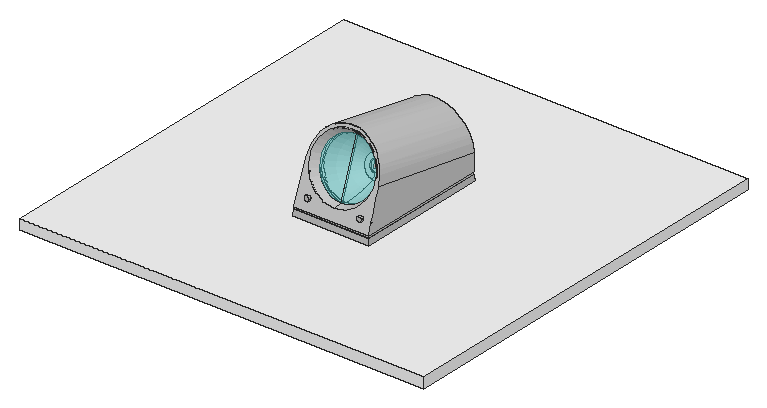
Revit family "BE_24501_de_DE", category Leuchten, Revit 2015
Parameters (values of type "BEGA_24501_Silber_K4")
  built-in parameter 1150104 = 14.4 (stored number, unit not read)
  Wattage = 4 W
  Default Elevation = 0 mm
  built-in parameter 1150113 = 1 (stored number, unit not read)
  built-in parameter 1114218 = 1 (stored number, unit not read)
  Umgebungstemperatur = "25 °C"
  URL = "http://www.bega.de/produkt/24501"
  Typenkommentare = "© 2017 BEGA. Wir behalten uns das Recht vor, technische Änderungen ohne vorherige Ankündigung vorzunehmen."  # constant formula
  Type Image = 24501.png
  built-in parameter 1150134 = 12
  built-in parameter 1150109 = 1 (stored number, unit not read)
  Strom = ""
  built-in parameter 1150110 = 1 (stored number, unit not read)
  Spannung = 239.996 V
  Sonderanfertigung = no
  Seriennummer [instance] = "Hier können Sie die eindeutige Seriennummer für das Facility Management eintragen."
  Schutzklasse = "I"
  Schutzart = "IP 64"
  Scheinlast = 0 VA
  Produktdatenblatt = "http://www.bega.de/download/Xrfa/db/24501.db.de.pdf"
  Oberflächentemperatur = ""
  Neigungswinkel = 0.00°
  Modell = "24501AK4"
  Material_18 = BEGA_Gummi_schwarz
  Material_17 = BEGA_Reflektor
  Material_15 = BEGA_Leuchtmedium_matt
  Material_11 = BEGA_Glas_opal
  Material_09 = BEGA_Glas_klar
  Material_06 = BEGA_Oberfläche_Edelstahl_gebürstet
  Material_03 = BEGA_Oberfläche_Weiss_matt
  Material_02 = BEGA_Oberfläche_Silber_matt
  Material_01 [instance] = BEGA_Oberfläche_Grafit_matt
  M_W = no
  M_G = no
  M_A = yes
  Logo = 0
  built-in parameter 1114217 = 1 (stored number, unit not read)
  built-in parameter 1150139 = (empty or 0)
  built-in parameter 1150105 = 49.338 (stored number, unit not read)
  built-in parameter 1150114 = 1 (stored number, unit not read)
  Lumens = 620 lm
  built-in parameter 1150115 = 1 (stored number, unit not read)
  Leuchtenlichtstrom = "366 lm"
  Leuchtenanzahl = ""
  Lebensdauerkriterien = "L70B50 @ 25 °C = 380000 h"
  Lastklassifizierung = Beleuchtung
  built-in parameter 1150112 = 1 (stored number, unit not read)
  Lampenlichtstrom = "620 lm"
  Lampe = "LED 4 W"
  LED_Modulbezeichnung = "LED-0734/840"
  built-in parameter 1150142 = (empty or 0)
  Hersteller = "BEGA"  # constant formula
  Halbstreuwinkel = ""
  Gewicht = "0.4 kg"
  Gebrauchslageneinschränkung [instance] = ""
  Frequenz = "0/50-60 Hz"
  Farbwiedergabeindex = "Ra > 80"
  Farbtemperaturverschiebung bei Dämpfen der Lampe = <Keine Auswahl>
  Farbtemperatur = "4000 K"
  Color Filter = 16777215
  built-in parameter 1150133 = 10 (stored number, unit not read)
  Energieeffizienzklasse = "LED A++ - A"
  built-in parameter 1150137 = (empty or 0)
  built-in parameter 1150132 = (empty or 0)
  ENEC = ""
  Dimmbar [instance] = ""
  Datei für fotometrisches Netz = "BE_24501K4.IES"
  CE_Konformität = "ja"
  Bestellnummer = "24501AK4"
  Beschreibung_Sonderanfertigung = "Hier können Sie Informationen zur Sonderanfertigung eintragen."
  Beschreibung = "Wandleuchte"
  built-in parameter 1150106 = 0.49338 (stored number, unit not read)
  Befestigungsbohrung = "Ø 4,5 mm"
  Befestigungsabstand = "50 mm"
  Ballwurfsicher = ""
  BEGA_Intern_aus = yes
  BEGA_Intern_an = yes
  BEGA_Intern_Konstruktion = yes
  BEGA_Intern = yes
  BEGA_IES = yes
  BEGA_Dummy = no
  Anschlussleitung = ""
  Anschlussleistung [instance] = "5.4 W"
  Anschlusskasten = ""
  built-in parameter 1150107 = 4000 (stored number, unit not read)
  built-in parameter 1150102 = (empty or 0)
  built-in parameter 1150138 = (empty or 0)
  Aktualisierung = "2017-06-27T04:08:34"
  Abstand_zur_angestrahlten_Fläche [instance] = ""
  AC/DC = "AC/DC"
Types (4, lengths in mm): name | built-in parameter 1150104 | Wattage | built-in parameter 1150134 | Modell | M_G | M_A | built-in parameter 1150105 | Lumens | Leuchtenlichtstrom | Lampenlichtstrom | LED_Modulbezeichnung | Farbtemperatur | Datei für fotometrisches Netz | Bestellnummer | built-in parameter 1150106 | built-in parameter 1150107
  BEGA_24501_Grafit_K3 | 13.471 (stored number, unit not read) | 4 W | (empty or 0) | "24501" | yes | no | 46.155 (stored number, unit not read) | 580 lm | "342 lm" | "580 lm" | "LED-0734/830" | "3000 K" | "BE_24501.IES" | "24501" | 0.46155 (stored number, unit not read) | 3000 (stored number, unit not read)
  BEGA_24501_Grafit_K4 | 13.8 (stored number, unit not read) | 155 W | 12 | "24501K4" | yes | no | 1832.2 (stored number, unit not read) | 23024 lm | "366 lm" | "620 lm" | "LED-0734/840" | "4000 K" | "BE_24501K4.IES" | "24501K4" | 18.322 (stored number, unit not read) | 4000 (stored number, unit not read)
  BEGA_24501_Silber_K4 | 14.4 (stored number, unit not read) | 4 W | 12 | "24501AK4" | no | yes | 49.338 (stored number, unit not read) | 620 lm | "366 lm" | "620 lm" | "LED-0734/840" | "4000 K" | "BE_24501K4.IES" | "24501AK4" | 0.49338 (stored number, unit not read) | 4000 (stored number, unit not read)
  BEGA_24501_Silber_K3 | 13.471 (stored number, unit not read) | 4 W | (empty or 0) | "24501A" | no | yes | 46.155 (stored number, unit not read) | 580 lm | "342 lm" | "580 lm" | "LED-0734/830" | "3000 K" | "BE_24501.IES" | "24501A" | 0.46155 (stored number, unit not read) | 3000 (stored number, unit not read)
Reference planes
  plane 1 "Mitte (Vorne/Hinten)": y = 0
  plane 2: z = 0
  plane 3 "Mitte (Links/Rechts)": x = 0
  plane 4 "Links": x = -37.659
  plane 5 "Rechts": x = 37.659
  plane 6 "Unten": y = -65.161
  plane 7 "Oben": y = 65.162
  plane 8 "Vorne": z = 82.664
  plane 9 "Hinten": z = 0
Forms (mm)
  Extrusion 1, solid, material "BEGA_Platte_Weiss"
    sketch origin (0, -1119.2, 0) x (1, 0, 0) y (0, 1, 0)
      loop
        line (-200, 1319.2) -> (-200, 919.2) -> (200, 919.2) -> (200, 1319.2) -> (-200, 1319.2)
    from 0 to -10
  Extrusion 2, solid, material "BEGA_Dummy_matt", visible <- "BEGA_Dummy"
    sketch origin (80.095, -76.023, 0) x (1, 0, 0) y (0, 1, 0)
      loop
        line (-117.754, 141.185) -> (-117.754, 10.862) -> (-42.436, 10.862) -> (-42.436, 141.185) -> (-117.754, 141.185)
    from 0 to 82.664
Dimensions and locks
  plane 1 "Mitte (Vorne/Hinten)" to Extrusion 1 = 200 mm
  aligned and locked: plane 2 to Extrusion 1
  aligned and locked: level to Extrusion 1
Nested families
  nested 1: "BE_24501" at (0, 0, 0) x (0, -1, 0) z (0, 0, 1), type "BE_24501"
Connectors
  electrical at (0, 0, 0), driven by "Lastklassifizierung", driven by "Spannung", driven by "Scheinlast"
    settings: index 1, voltage 239.996 V, apparent load 0 VA, apparent load phase1 0 VA, apparent load phase2 0 VA, apparent load phase3 0 VA, power factor 1, load classification "Beleuchtung", number of poles 1, system type 31, power factor state 1, is connector primary yes, connector utility no, sub classification motor no, connector description ""
Definition of nested family "BE_24501"
  Parameters (values of type "BE_24501")
    Default Elevation = 1 mm
    URL = "http://www.bega.de/de/produkt"
    Type Comments = "© 2015 BEGA. Wir behalten uns das Recht vor, technische Änderungen ohne vorherige Ankündigung vorzunehmen. "  # constant formula
    Type Image = (empty or 0)
    Material_18 = none
    Material_17 = none
    Material_15 = none
    Material_11 = none
    Material_09 = none
    Material_06 = none
    Material_03 = none
    Material_02 = none
    Material_01 = none
    M_W = yes
    M_G = yes
    M_A = yes
    Länge_Platte = 200 mm  # constant formula
    Höhe_Platte = -10 mm  # constant formula
    Manufacturer = "BEGA"  # constant formula
    Breite_Platte = 200 mm  # constant formula
  Reference planes
    plane 1 "Mitte (Oben/Unten)": y = 0
    plane 2: z = 0
    plane 3 "Mitte (Links/Rechts)": x = 0
    plane 4: x = -65.162
    plane 5: z = 82.664
    plane 6: x = 65.161
    plane 7: y = -37.659
    plane 8: y = 37.659
  Forms (mm)
    Extrusion 1, solid, detail levels medium
      sketch origin (0, 0, 0) x (1, 0, 0) y (0, 1, 0)
        loop
          line (-100, 100) -> (-100, -100) -> (100, -100) -> (100, 100) -> (-100, 100)
      from 0 to -10 <- "Höhe_Platte"
    Blend 2, solid, material <- "Material_01", visible <- "M_G", detail levels medium+fine
      base sketch origin (0, 0, 0) x (0, 1, 0) y (0, 0, 1)
        loop
          line (-37.5, 8.7) -> (37.5, 8.7) -> (37.074, 24.948)
          spline (37.074, 24.948) -> (35.61, 34.465) -> (31.798, 43.291) -> (25.887, 50.844) -> (18.269, 56.626) -> (9.446, 60.255) -> (0, 61.492) -> (-9.446, 60.255) -> (-18.269, 56.626) -> (-25.887, 50.844) -> (-31.798, 43.291) -> (-35.61, 34.465) -> (-37.074, 24.948)
          line (-37.074, 24.948) -> (-37.5, 8.7)
      top sketch origin (0, 0, 0) x (0, 1, 0) y (0, 0, 1)
        loop
          line (-37.004, 8.7) -> (37.004, 8.7) -> (35.957, 48.682)
          spline (35.957, 48.682) -> (34.627, 59.055) -> (30.977, 68.696) -> (25.253, 76.96) -> (17.838, 83.293) -> (9.228, 87.27) -> (0, 88.626) -> (-9.228, 87.27) -> (-17.838, 83.293) -> (-25.253, 76.96) -> (-30.977, 68.696) -> (-34.627, 59.055) -> (-35.957, 48.682)
          line (-35.957, 48.682) -> (-37.004, 8.7)
      from -65.999 to 67.391
    Extrusion 3, void
      sketch origin (0, 0, 0) x (1, 0, 0) y (0, 0, 1)
        loop
          line (-65, 8.7) -> (-63.594, 62.386) -> (-66.985, 61.696) -> (-66.985, 8.7) -> (-65, 8.7)
        loop
          line (67.391, 8.7) -> (67.391, 91.792) -> (34.757, 91.792) -> (64.999, 8.7) -> (67.391, 8.7)
      from -40.189 to 40.834
    Sweep 4, solid, material <- "Material_01", visible <- "M_G", detail levels medium+fine
      path origin (0, 0, 0) x (1, 0, 0) y (0, 1, 0)
        loop
          line (-65, -37.496) -> (64.999, -37.496) -> (64.999, 37.496) -> (-65, 37.496) -> (-65, -37.496)
      profile origin (-65, 0, 0) x (-1, 0, 0) y (0, 0, 1)
        loop
          line (0.162, 0) -> (0, 6.2) -> (-0.8, 6.2) -> (-0.8, 8.7) -> (-4.752, 10.9) -> (-34.022, 10.9) -> (-34.022, 9) -> (-6.8, 9) -> (-6.486, 0) -> (0.162, 0)
    Revolve 5, void
      sketch origin (0, 0, 0) x (1, 0, 0) y (0, 0, 1)
        loop
          line (33.768, 72.583) -> (32.123, 77.1) -> (28.834, 75.903) -> (0, 53.792) -> (5.642, 32.318) -> (50.465, 48.633) -> (39.334, 79.216) -> (33.768, 72.583)
        axis (5.642, 32.318) -> (50.466, 48.633)
      angle from 0 to 360
    Revolve 6, solid, material <- "Material_17", detail levels medium+fine
      sketch origin (0, 0, 0) x (1, 0, 0) y (0, 0, 1)
        loop
          line (28.275, 71.377) -> (27.578, 73.292) -> (26.706, 72.975) -> (27.574, 70.59)
          arc (27.574, 70.59) -> (14.917, 58.439) -> (5.469, 43.653) r 74.149
          line (5.469, 43.653) -> (6.803, 38.677) -> (7.665, 38.908) -> (6.264, 44.139)
          arc (6.264, 44.139) -> (15.59, 58.468) -> (27.968, 70.261) r 73.649
          arc (27.968, 70.261) -> (28.3, 70.77) -> (28.275, 71.377) r 1
        axis (8.788, 33.223) -> (38.258, 43.949)
      angle from 0 to 360
    Extrusion 7, solid, material <- "Material_15", detail levels medium+fine
      sketch origin (0, 0, 0) x (1, 0, 0) y (0, 0, 1)
        loop
          line (8.496, 30.45) -> (9.282, 30.736) -> (7.396, 35.916) -> (6.611, 35.63) -> (8.496, 30.45)
      from -2.8 to 2.8
    Revolve 8, solid, material <- "Material_09", detail levels medium+fine
      sketch origin (0, 0, 0) x (1, 0, 0) y (0, 0, 1)
        loop
          line (31.91, 76.224) -> (29.091, 75.198) -> (40.206, 44.658) -> (43.025, 45.684) -> (31.91, 76.224)
        axis (40.206, 44.658) -> (43.025, 45.684)
      angle from 0 to 360
    Extrusion 9, void
      sketch origin (0, 0, 0) x (1, 0, 0) y (0, 1, 0)
        loop
          line (-58.2, 30.671) -> (-58.2, -30.671) -> (58.199, -30.238) -> (58.199, 30.238) -> (-58.2, 30.671)
      from 7.65 to 13.281
    Extrusion 10, solid, material <- "Material_01", visible <- "M_G", detail levels medium+fine
      sketch origin (0, 0, 0) x (1, 0, 0) y (0, 0, 1)
        loop
          line (-30.977, 9) -> (30.977, 9) -> (30.977, 10.9) -> (-30.977, 10.9) -> (-30.977, 9)
      from -4.051 to 3.738
    Extrusion 11, void
      sketch origin (0, 0, 0) x (1, 0, 0) y (0, 1, 0)
        loop
          circle (-47, 18.5) r 8.5
        loop
          circle (-47, -18.5) r 8.5
        loop
          circle (0, -25) r 2.156
        loop
          circle (0, 25) r 2.156
      from 4.313 to 11.1
    Extrusion 12, void
      sketch origin (0, 0, 0) x (0, 1, 0) y (0, 0, 1)
        loop
          circle (-26, 18.5) r 2.5
        loop
          circle (26, 18.5) r 2.5
      from 59.313 to 62.94
    Extrusion 13, solid, material <- "Material_06", detail levels fine
      sketch origin (0, 0, 0) x (0, 1, 0) y (0, 0, 1)
        loop
          circle (-26, 18.5) r 2.35
        loop
          circle (26, 18.5) r 2.35
      from 59.313 to 62.7
    Sweep 14, solid, material <- "Material_02", visible <- "M_A", detail levels medium+fine
      path origin (0, 0, 0) x (1, 0, 0) y (0, 1, 0)
        loop
          line (-65, -37.496) -> (64.999, -37.496) -> (64.999, 37.496) -> (-65, 37.496) -> (-65, -37.496)
      profile origin (-65, 0, 0) x (-1, 0, 0) y (0, 0, 1)
        loop
          line (0.162, 0) -> (0, 6.2) -> (-0.8, 6.2) -> (-0.8, 8.7) -> (-4.752, 10.9) -> (-34.022, 10.9) -> (-34.022, 9) -> (-6.8, 9) -> (-6.486, 0) -> (0.162, 0)
    Extrusion 15, solid, material <- "Material_02", visible <- "M_A", detail levels medium+fine
      sketch origin (0, 0, 0) x (1, 0, 0) y (0, 0, 1)
        loop
          line (-30.977, 9) -> (30.977, 9) -> (30.977, 10.9) -> (-30.977, 10.9) -> (-30.977, 9)
      from -3.347 to 3.738
    Blend 16, solid, material <- "Material_02", visible <- "M_A", detail levels medium+fine
      base sketch origin (0, 0, 0) x (0, 1, 0) y (0, 0, 1)
        loop
          line (-37.5, 8.7) -> (37.5, 8.7) -> (37.074, 24.948)
          spline (37.074, 24.948) -> (35.61, 34.465) -> (31.798, 43.291) -> (25.887, 50.844) -> (18.269, 56.626) -> (9.446, 60.255) -> (0, 61.492) -> (-9.446, 60.255) -> (-18.269, 56.626) -> (-25.887, 50.844) -> (-31.798, 43.291) -> (-35.61, 34.465) -> (-37.074, 24.948)
          line (-37.074, 24.948) -> (-37.5, 8.7)
      top sketch origin (0, 0, 0) x (0, 1, 0) y (0, 0, 1)
        loop
          line (-37.004, 8.7) -> (37.004, 8.7) -> (35.957, 48.682)
          spline (35.957, 48.682) -> (34.627, 59.055) -> (30.977, 68.696) -> (25.253, 76.96) -> (17.838, 83.293) -> (9.228, 87.27) -> (0, 88.626) -> (-9.228, 87.27) -> (-17.838, 83.293) -> (-25.253, 76.96) -> (-30.977, 68.696) -> (-34.627, 59.055) -> (-35.957, 48.682)
          line (-35.957, 48.682) -> (-37.004, 8.7)
      from -65.999 to 67.391
  Cuts and joins
    Extrusion 3, Revolve 5, Extrusion 9, Extrusion 11, Extrusion 12 cuts Blend 2
    Revolve 5, Extrusion 11 cuts Sweep 4
    Extrusion 11 cuts Extrusion 10
    joined: Sweep 4, Extrusion 10
    Extrusion 9 cuts Revolve 6
    Extrusion 9 cuts Extrusion 7
    Extrusion 9 cuts Revolve 8
    Extrusion 11 cuts Sweep 14
    joined: Sweep 14, Extrusion 15
    Extrusion 3, Revolve 5, Extrusion 9, Extrusion 12 cuts Blend 16
  Dimensions and locks
    equal spacing: Extrusion 1 sketch curve, plane 3 "Mitte (Links/Rechts)", Extrusion 1 sketch curve
    equal spacing: Extrusion 1 sketch curve, plane 1 "Mitte (Oben/Unten)", Extrusion 1 sketch curve
    "Länge_Platte": Extrusion 1 sketch curve to Extrusion 1 sketch curve
    "Breite_Platte": Extrusion 1 sketch curve to Extrusion 1 sketch curve
    aligned and locked: Extrusion 1 to plane 2
    aligned and locked: level to Extrusion 1
  Automatic sketch dimensions
    level to Blend 2 sketch curve = 8.7 mm  (x2)
    plane 1 "Mitte (Oben/Unten)" to Blend 2 sketch curve = 37.5 mm
    Blend 2 sketch curve to plane 1 "Mitte (Oben/Unten)" = 37.5 mm
    Blend 2 sketch curve to plane 1 "Mitte (Oben/Unten)" = 0 mm  (x2)
    Blend 2 sketch curve to Blend 2 sketch curve = 0.426 mm  (x2)
    Blend 2 sketch curve to Blend 2 sketch curve = 16.248 mm
    Blend 2 sketch curve to level = 13.508 mm
    level to Blend 2 sketch curve = 23.992 mm
    Blend 2 sketch curve to plane 1 "Mitte (Oben/Unten)" = 37.004 mm
    plane 1 "Mitte (Oben/Unten)" to Blend 2 sketch curve = 37.004 mm
    plane 1 "Mitte (Oben/Unten)" to Blend 2 sketch curve = 35.961 mm
    Blend 2 sketch curve to Blend 2 sketch curve = 0.003 mm
    Blend 2 sketch curve to plane 1 "Mitte (Oben/Unten)" = 35.957 mm
    Blend 2 sketch curve to Blend 2 sketch curve = 39.426 mm
    Blend 2 sketch curve to Blend 2 sketch curve = 0.556 mm
    Extrusion 3 sketch curve to plane 3 "Mitte (Links/Rechts)" = 66.985 mm
    Extrusion 3 sketch curve to Extrusion 3 sketch curve = 1.985 mm
    Extrusion 3 sketch curve to Extrusion 3 sketch curve = 3.391 mm
    plane 3 "Mitte (Links/Rechts)" to Extrusion 3 sketch curve = 34.757 mm
    level to Extrusion 3 sketch curve = 8.7 mm  (x2)
    plane 3 "Mitte (Links/Rechts)" to Extrusion 3 sketch curve = 64.999 mm
    Extrusion 3 sketch curve to Extrusion 3 sketch curve = 2.393 mm
    Extrusion 3 sketch curve to Extrusion 3 sketch curve = 52.996 mm
    Extrusion 3 sketch curve to Extrusion 3 sketch curve = 0.69 mm
    Extrusion 3 sketch curve to Extrusion 3 sketch curve = 83.092 mm
    Sweep 4 sketch curve to level = 0 mm
    Sweep 4 sketch curve to profile plane = 0 mm
    Sweep 4 sketch curve to Sweep 4 sketch curve = 0.8 mm
    Sweep 4 sketch curve to Sweep 4 sketch curve = 3.952 mm
    profile plane to Sweep 4 sketch curve = 6.486 mm
    Sweep 4 sketch curve to Sweep 4 sketch curve = 2.048 mm
    level to Sweep 4 sketch curve = 10.9 mm
    Sweep 4 sketch curve to Sweep 4 sketch curve = 27.222 mm
    Sweep 4 sketch curve to profile plane = 0.162 mm
    Sweep 4 sketch curve to Sweep 4 sketch curve = 4.7 mm
    Sweep 4 sketch curve to Sweep 4 sketch curve = 2.5 mm
    Sweep 4 sketch curve to Sweep 4 sketch curve = 1.9 mm
    Revolve 5 sketch curve to plane 3 "Mitte (Links/Rechts)" = 0 mm
    plane 3 "Mitte (Links/Rechts)" to Revolve 5 sketch curve = 5.642 mm
    plane 3 "Mitte (Links/Rechts)" to Revolve 5 sketch curve = 32.123 mm
    Revolve 5 sketch curve to Revolve 5 sketch curve = 1.645 mm
    Revolve 5 sketch curve to Revolve 5 sketch curve = 7.211 mm
    Revolve 5 sketch curve to Revolve 5 sketch curve = 16.697 mm
    level to Revolve 5 sketch curve = 32.318 mm
    Revolve 5 sketch curve to Revolve 5 sketch curve = 16.314 mm
    Revolve 5 sketch curve to Revolve 5 sketch curve = 23.95 mm
    Revolve 5 sketch curve to Revolve 5 sketch curve = 4.517 mm
    Revolve 5 sketch curve to Revolve 5 sketch curve = 2.116 mm
    Revolve 5 sketch curve to Revolve 5 sketch curve = 13.973 mm
    Revolve 5 sketch curve to Revolve 5 sketch curve = 3.289 mm
    Revolve 5 sketch curve to Revolve 5 sketch curve = 0 mm  (x2)
    Revolve 5 sketch curve to Revolve 5 sketch curve = 5.086 mm
    Revolve 5 sketch curve to Revolve 5 sketch curve = 21.474 mm
    Revolve 5 sketch curve to Revolve 5 sketch curve = 1.197 mm
    Revolve 6 sketch curve to Revolve 6 sketch curve = 0 mm  (x2)
    plane 3 "Mitte (Links/Rechts)" to Revolve 6 sketch curve = 5.469 mm
    Revolve 6 sketch curve to Revolve 6 sketch curve = 0.794 mm
    Revolve 6 sketch curve to Revolve 6 sketch curve = 1.333 mm
    Revolve 6 sketch curve to Revolve 6 sketch curve = 0.863 mm
    plane 3 "Mitte (Links/Rechts)" to Revolve 6 sketch curve = 26.706 mm
    Revolve 6 sketch curve to Revolve 6 sketch curve = 0.629 mm
    Revolve 6 sketch curve to Revolve 6 sketch curve = 0.239 mm
    Revolve 6 sketch curve to Revolve 6 sketch curve = 0.872 mm
    Revolve 6 sketch curve to Revolve 6 sketch curve = 0.94 mm
    level to Revolve 6 sketch curve = 11.401 mm
    Revolve 6 sketch curve to Revolve 6 sketch curve = 64.571 mm
    level to Revolve 6 sketch curve = 38.677 mm
    Revolve 6 sketch curve to Revolve 6 sketch curve = 0.231 mm
    Revolve 6 sketch curve to Revolve 6 sketch curve = 0.445 mm
    Revolve 6 sketch curve to Revolve 6 sketch curve = 0.342 mm
    Revolve 6 sketch curve to Revolve 6 sketch curve = 23.666 mm
    Revolve 6 sketch curve to Revolve 6 sketch curve = 6.497 mm
    Revolve 6 sketch curve to Revolve 6 sketch curve = 2.52 mm
    Revolve 6 sketch curve to Revolve 6 sketch curve = 2.365 mm
    plane 3 "Mitte (Links/Rechts)" to Extrusion 7 sketch curve = 6.611 mm
    Extrusion 7 sketch curve to Extrusion 7 sketch curve = 0.786 mm  (x2)
    Extrusion 7 sketch curve to Extrusion 7 sketch curve = 1.885 mm
    level to Extrusion 7 sketch curve = 30.45 mm
    Extrusion 7 sketch curve to Extrusion 7 sketch curve = 0.286 mm
    Extrusion 7 sketch curve to Extrusion 7 sketch curve = 5.179 mm
    plane 3 "Mitte (Links/Rechts)" to Revolve 8 sketch curve = 29.091 mm
    Revolve 8 sketch curve to Revolve 8 sketch curve = 2.819 mm  (x2)
    Revolve 8 sketch curve to Revolve 8 sketch curve = 11.116 mm
    level to Revolve 8 sketch curve = 44.658 mm
    Revolve 8 sketch curve to Revolve 8 sketch curve = 1.026 mm  (x2)
    Revolve 8 sketch curve to Revolve 8 sketch curve = 30.54 mm
    Revolve 8 sketch curve to Revolve 8 sketch curve = 0 mm  (x4)
    Extrusion 9 sketch curve to plane 3 "Mitte (Links/Rechts)" = 58.2 mm
    Extrusion 9 sketch curve to plane 1 "Mitte (Oben/Unten)" = 30.671 mm
    Extrusion 9 sketch curve to plane 1 "Mitte (Oben/Unten)" = 30.238 mm
    plane 1 "Mitte (Oben/Unten)" to Extrusion 9 sketch curve = 30.671 mm
    plane 3 "Mitte (Links/Rechts)" to Extrusion 9 sketch curve = 58.199 mm
    plane 1 "Mitte (Oben/Unten)" to Extrusion 9 sketch curve = 30.238 mm
    level to Extrusion 10 sketch curve = 10.9 mm
    Extrusion 10 sketch curve to plane 3 "Mitte (Links/Rechts)" = 30.977 mm
    plane 3 "Mitte (Links/Rechts)" to Extrusion 10 sketch curve = 30.977 mm
    Extrusion 10 sketch curve to Extrusion 10 sketch curve = 1.9 mm
    Extrusion 11 sketch curve to plane 1 "Mitte (Oben/Unten)" = 18.5 mm
    Extrusion 11 sketch curve to plane 3 "Mitte (Links/Rechts)" = 47 mm
    plane 1 "Mitte (Oben/Unten)" to Extrusion 12 sketch curve = 26 mm
    level to Extrusion 12 sketch curve = 18.5 mm
    Sweep 14 sketch curve to level = 0 mm
    Sweep 14 sketch curve to profile plane = 0 mm
    profile plane to Sweep 14 sketch curve = 0.8 mm
    Sweep 14 sketch curve to Sweep 14 sketch curve = 3.952 mm
    profile plane to Sweep 14 sketch curve = 6.486 mm
    Sweep 14 sketch curve to Sweep 14 sketch curve = 2.048 mm
    level to Sweep 14 sketch curve = 10.9 mm
    Sweep 14 sketch curve to Sweep 14 sketch curve = 27.222 mm
    Sweep 14 sketch curve to profile plane = 0.162 mm
    Sweep 14 sketch curve to Sweep 14 sketch curve = 4.7 mm
    Sweep 14 sketch curve to Sweep 14 sketch curve = 2.5 mm
    Sweep 14 sketch curve to Sweep 14 sketch curve = 1.9 mm
    level to Extrusion 15 sketch curve = 10.9 mm
    Extrusion 15 sketch curve to plane 3 "Mitte (Links/Rechts)" = 30.977 mm
    level to Extrusion 15 sketch curve = 9 mm
    plane 3 "Mitte (Links/Rechts)" to Extrusion 15 sketch curve = 30.977 mm
    Blend 16 sketch curve to plane 1 "Mitte (Oben/Unten)" = 0 mm  (x2)
    plane 1 "Mitte (Oben/Unten)" to Blend 16 sketch curve = 37.074 mm
    Blend 16 sketch curve to Blend 16 sketch curve = 0.426 mm  (x2)
    level to Blend 16 sketch curve = 24.948 mm
    Blend 16 sketch curve to plane 1 "Mitte (Oben/Unten)" = 37.074 mm
    level to Blend 16 sketch curve = 8.7 mm  (x2)
    level to Blend 16 sketch curve = 23.992 mm
    Blend 16 sketch curve to level = 13.508 mm
    plane 1 "Mitte (Oben/Unten)" to Blend 16 sketch curve = 35.957 mm
    plane 1 "Mitte (Oben/Unten)" to Blend 16 sketch curve = 37.004 mm
    Blend 16 sketch curve to plane 1 "Mitte (Oben/Unten)" = 35.957 mm
    Blend 16 sketch curve to plane 1 "Mitte (Oben/Unten)" = 37.004 mm
    Blend 16 sketch curve to Blend 16 sketch curve = 39.982 mm
    Blend 16 sketch curve to Blend 16 sketch curve = 0.003 mm
    Blend 16 sketch curve to Blend 16 sketch curve = 0.556 mm
    Sweep 14 sketch curve to plane 4 = 0.162 mm
    Sweep 14 sketch curve to plane 7 = 0.163 mm
    plane 6 to Sweep 14 sketch curve = 0.162 mm
    Sweep 14 sketch curve to plane 8 = 0.163 mm
    Sweep 4 sketch curve to plane 4 = 0.162 mm
    Sweep 4 sketch curve to plane 7 = 0.163 mm
    plane 6 to Sweep 4 sketch curve = 0.162 mm
    Sweep 4 sketch curve to plane 8 = 0.163 mm
    radius of Extrusion 11 sketch curve = 8.5 mm
    radius of Extrusion 12 sketch curve = 2.5 mm
